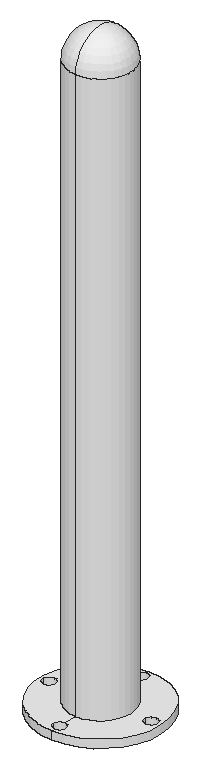
Revit family "Столбик парковочный нержавеющий «Сфера»", category Антураж, Revit 2017
Family settings
  На основе рабочей плоскости = Нет
  Всегда вертикально = Да
  При загрузке вырезать с полостями = Нет
  Источник визуального образа = Геометрия семейства
  Общий = Нет
  Точка расчета площади = Нет
Parameters (values of type "Столбик парковочный нержавеющий «Сфера»")
  Стоимость = 3775
  Изготовитель = "ООО \"Хоббика\""
  Высота = 0 mm
  URL = "https://hobbyka.ru/product/stolbik_parkovochnyy_nerzhaveyushchiy_sfera/?sphrase_id=70635"
  ADSK_Размер_Ширина = 150 mm
  ADSK_Размер_Диаметр = 76 mm
  ADSK_Размер_Высота = 760 mm
  ADSK_Наименование = "Столбик парковочный нержавеющий «Сфера»"
  ADSK_Материал парковочного столба = Сталь, хромированная
  ADSK_Код изделия = "10211"
Reference planes
  plane 1 "По центру (Вперед/Назад)": y = 0
  plane 2: z = 0
  plane 3 "По центру (Влево/Вправо)": x = 0
Forms (mm)
  Revolve 1, solid, material "Сталь, хромированная" <- "ADSK_Материал парковочного столба"
    sketch origin (0, 0, 0) x (0, 1, 0) y (0, 0, 1)
      loop
        line (0, 0) -> (0, 760)
        arc (0, 760) -> (-26.935, 748.164) -> (-38, 720.903) r 39.113
        line (-38, 720.903) -> (-38, 10) -> (-75, 10) -> (-75, 0) -> (0, 0)
      axis (0, 760) -> (0, 0)
    angle from 0 to 360
  Extrusion 2, void
    sketch origin (0, 0, 0) x (1, 0, 0) y (0, 1, 0)
      loop
        circle (0, 63) r 8
      loop
        circle (63, 0) r 8
      loop
        circle (0, -63) r 8
      loop
        circle (-63, 0) r 8
    from 0 to 250
Cuts and joins
  Extrusion 2 cuts Revolve 1
Dimensions and locks
  aligned and locked: level to plane 2
